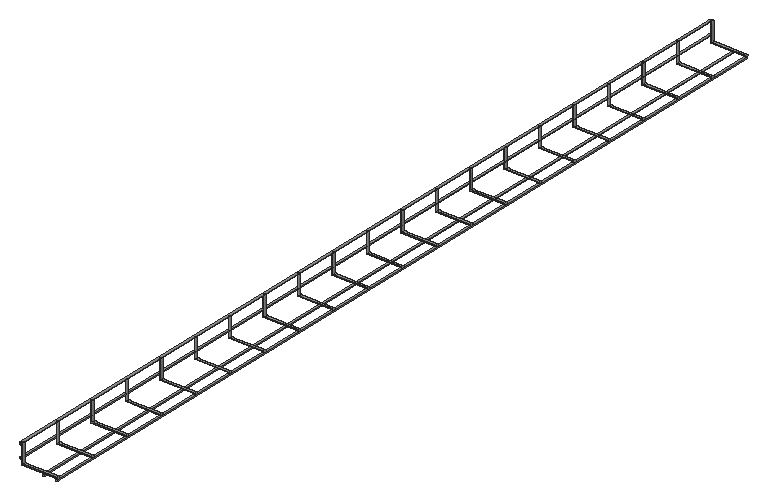
Revit family "Gitterwinkel GW-40 80Ft", category Generic Models, Revit 2017
Family settings
  Can host rebar = No
  Round Connector Dimension = Use Diameter
  Part Type = Normal
  Work Plane-Based = No
  Always vertical = Yes
  Cut with Voids When Loaded = No
  Shared = No
  Room Calculation Point = No
Parameters (values of type "GW 40 80 FT")
  URL = "http://www.obo-bettermann.com"
  Material = Hot-dip galvanised
  Manufacturer Art.No. = "6003818"
  Manufacturer = "OBO BETTERMANN"
  GTIN = "4012196002955"
  Cut's number = 20
  Article Type = "GW 40 80 FT"
Reference planes
  plane 1 "Center (Front/Back)": y = 0
  plane 2: z = 0
  plane 3 "Center (Left/Right)": x = 0
  plane 4: z = 46.4
  plane 5: x = 85.48
  plane 6: x = 2.2
  plane 7: z = 44.2
  plane 8: z = 16.693
  plane 9: z = 41.993
  plane 10: x = 2.2
  plane 11: z = 14.493
  plane 12: z = -2.2
  plane 13: x = 55.48
  plane 14: z = -2.2
  plane 15: y = 2000
  plane 16: x = 87.68
  plane 17: z = 4.35
  plane 18: x = 8.82
  plane 19: z = 46.4
  plane 20: x = 87.68
  plane 21: y = -2.187
  plane 22: x = 87.815
  plane 23: z = 46.4
  plane 24: x = 87.815
  plane 25: z = 46.4
  plane 26: x = 87.815
  plane 27: z = 46.4
  plane 28: x = 87.815
  plane 29: z = 46.4
  plane 30: x = 87.815
  plane 31: z = 46.4
  plane 32: x = 87.815
  plane 33: z = 46.4
  plane 34: x = 87.815
  plane 35: z = 46.4
  plane 36: x = 87.815
  plane 37: z = 46.4
  plane 38: x = 87.815
  plane 39: z = 46.4
  plane 40: x = 87.815
  plane 41: z = 46.4
  plane 42: x = 87.815
  plane 43: z = 46.4
  plane 44: x = 87.815
  plane 45: z = 46.4
  plane 46: x = 87.815
  plane 47: z = 46.4
  plane 48: x = 87.815
  plane 49: z = 46.4
  plane 50: x = 87.815
  plane 51: z = 46.4
  plane 52: x = 87.815
  plane 53: z = 46.4
  plane 54: x = 87.815
  plane 55: z = 46.4
  plane 56: x = 87.815
  plane 57: z = 46.4
  plane 58: x = 87.815
  plane 59: z = 46.4
  plane 60: x = 87.815
  plane 61: z = 46.4
Forms (mm)
  Extrusion 1, solid, material "Hot-dip galvanised" <- "Material"
    sketch origin (0, 0, 0) x (1, 0, 0) y (0, 0, 1)
      loop
        circle (2.2, 44.2) r 2.182
      loop
        circle (2.2, 14.493) r 2.178
      loop
        circle (85.626, -2.2) r 2.175
      loop
        circle (55.615, -2.2) r 2.2
    from 2.168 to -2000
  Sweep 2, solid, material "Hot-dip galvanised" <- "Material"
    path origin (6.48, -2000, 2.2) x (1, 0, 0) y (0, 0, 1)
      loop
        line (0, 44.2) -> (0, 0) -> (81.2, 0)
    profile origin (6.48, -2000, 24.3) x (0, -1, 0) y (1, 0, 0)
      loop
        circle (-2000, 0.018) r 2.187
  Sweep 3, solid, material "Hot-dip galvanised" <- "Material"
    path origin (6.615, -1900, 2.2) x (1, 0, 0) y (0, 0, 1)
      loop
        line (0, 44.2) -> (0, 0) -> (81.2, 0)
    profile origin (6.615, -1900, 24.3) x (0, -1, 0) y (1, 0, 0)
      loop
        circle (-2000, 0.018) r 2.187
  Sweep 4, solid, material "Hot-dip galvanised" <- "Material"
    path origin (6.615, -1800, 2.2) x (1, 0, 0) y (0, 0, 1)
      loop
        line (0, 44.2) -> (0, 0) -> (81.2, 0)
    profile origin (6.615, -1800, 24.3) x (0, -1, 0) y (1, 0, 0)
      loop
        circle (-2000, 0.018) r 2.187
  Sweep 5, solid, material "Hot-dip galvanised" <- "Material"
    path origin (6.615, -1700, 2.2) x (1, 0, 0) y (0, 0, 1)
      loop
        line (0, 44.2) -> (0, 0) -> (81.2, 0)
    profile origin (6.615, -1700, 24.3) x (0, -1, 0) y (1, 0, 0)
      loop
        circle (-2000, 0.018) r 2.187
  Sweep 6, solid, material "Hot-dip galvanised" <- "Material"
    path origin (6.615, -1600, 2.2) x (1, 0, 0) y (0, 0, 1)
      loop
        line (0, 44.2) -> (0, 0) -> (81.2, 0)
    profile origin (6.615, -1600, 24.3) x (0, -1, 0) y (1, 0, 0)
      loop
        circle (-2000, 0.018) r 2.187
  Sweep 7, solid, material "Hot-dip galvanised" <- "Material"
    path origin (6.615, -1500, 2.2) x (1, 0, 0) y (0, 0, 1)
      loop
        line (0, 44.2) -> (0, 0) -> (81.2, 0)
    profile origin (6.615, -1500, 24.3) x (0, -1, 0) y (1, 0, 0)
      loop
        circle (-2000, 0.018) r 2.187
  Sweep 8, solid, material "Hot-dip galvanised" <- "Material"
    path origin (6.615, -1400, 2.2) x (1, 0, 0) y (0, 0, 1)
      loop
        line (0, 44.2) -> (0, 0) -> (81.2, 0)
    profile origin (6.615, -1400, 24.3) x (0, -1, 0) y (1, 0, 0)
      loop
        circle (-2000, 0.018) r 2.187
  Sweep 9, solid, material "Hot-dip galvanised" <- "Material"
    path origin (6.615, -1300, 2.2) x (1, 0, 0) y (0, 0, 1)
      loop
        line (0, 44.2) -> (0, 0) -> (81.2, 0)
    profile origin (6.615, -1300, 24.3) x (0, -1, 0) y (1, 0, 0)
      loop
        circle (-2000, 0.018) r 2.187
  Sweep 10, solid, material "Hot-dip galvanised" <- "Material"
    path origin (6.615, -1200, 2.2) x (1, 0, 0) y (0, 0, 1)
      loop
        line (0, 44.2) -> (0, 0) -> (81.2, 0)
    profile origin (6.615, -1200, 24.3) x (0, -1, 0) y (1, 0, 0)
      loop
        circle (-2000, 0.018) r 2.187
  Sweep 11, solid, material "Hot-dip galvanised" <- "Material"
    path origin (6.615, -1100, 2.2) x (1, 0, 0) y (0, 0, 1)
      loop
        line (0, 44.2) -> (0, 0) -> (81.2, 0)
    profile origin (6.615, -1100, 24.3) x (0, -1, 0) y (1, 0, 0)
      loop
        circle (-2000, 0.018) r 2.187
  Sweep 12, solid, material "Hot-dip galvanised" <- "Material"
    path origin (6.615, -1000, 2.2) x (1, 0, 0) y (0, 0, 1)
      loop
        line (0, 44.2) -> (0, 0) -> (81.2, 0)
    profile origin (6.615, -1000, 24.3) x (0, -1, 0) y (1, 0, 0)
      loop
        circle (-2000, 0.018) r 2.187
  Sweep 13, solid, material "Hot-dip galvanised" <- "Material"
    path origin (6.615, -900, 2.2) x (1, 0, 0) y (0, 0, 1)
      loop
        line (0, 44.2) -> (0, 0) -> (81.2, 0)
    profile origin (6.615, -900, 24.3) x (0, -1, 0) y (1, 0, 0)
      loop
        circle (-2000, 0.018) r 2.187
  Sweep 14, solid, material "Hot-dip galvanised" <- "Material"
    path origin (6.615, -800, 2.2) x (1, 0, 0) y (0, 0, 1)
      loop
        line (0, 44.2) -> (0, 0) -> (81.2, 0)
    profile origin (6.615, -800, 24.3) x (0, -1, 0) y (1, 0, 0)
      loop
        circle (-2000, 0.018) r 2.187
  Sweep 15, solid, material "Hot-dip galvanised" <- "Material"
    path origin (6.615, -700, 2.2) x (1, 0, 0) y (0, 0, 1)
      loop
        line (0, 44.2) -> (0, 0) -> (81.2, 0)
    profile origin (6.615, -700, 24.3) x (0, -1, 0) y (1, 0, 0)
      loop
        circle (-2000, 0.018) r 2.187
  Sweep 16, solid, material "Hot-dip galvanised" <- "Material"
    path origin (6.615, -600, 2.2) x (1, 0, 0) y (0, 0, 1)
      loop
        line (0, 44.2) -> (0, 0) -> (81.2, 0)
    profile origin (6.615, -600, 24.3) x (0, -1, 0) y (1, 0, 0)
      loop
        circle (-2000, 0.018) r 2.187
  Sweep 17, solid, material "Hot-dip galvanised" <- "Material"
    path origin (6.615, -500, 2.2) x (1, 0, 0) y (0, 0, 1)
      loop
        line (0, 44.2) -> (0, 0) -> (81.2, 0)
    profile origin (6.615, -500, 24.3) x (0, -1, 0) y (1, 0, 0)
      loop
        circle (-2000, 0.018) r 2.187
  Sweep 18, solid, material "Hot-dip galvanised" <- "Material"
    path origin (6.615, -400, 2.2) x (1, 0, 0) y (0, 0, 1)
      loop
        line (0, 44.2) -> (0, 0) -> (81.2, 0)
    profile origin (6.615, -400, 24.3) x (0, -1, 0) y (1, 0, 0)
      loop
        circle (-2000, 0.018) r 2.187
  Sweep 19, solid, material "Hot-dip galvanised" <- "Material"
    path origin (6.615, -300, 2.2) x (1, 0, 0) y (0, 0, 1)
      loop
        line (0, 44.2) -> (0, 0) -> (81.2, 0)
    profile origin (6.615, -300, 24.3) x (0, -1, 0) y (1, 0, 0)
      loop
        circle (-2000, 0.018) r 2.187
  Sweep 20, solid, material "Hot-dip galvanised" <- "Material"
    path origin (6.615, -200, 2.2) x (1, 0, 0) y (0, 0, 1)
      loop
        line (0, 44.2) -> (0, 0) -> (81.2, 0)
    profile origin (6.615, -200, 24.3) x (0, -1, 0) y (1, 0, 0)
      loop
        circle (-2000, 0.018) r 2.187
  Sweep 21, solid, material "Hot-dip galvanised" <- "Material"
    path origin (6.615, -100, 2.2) x (1, 0, 0) y (0, 0, 1)
      loop
        line (0, 44.2) -> (0, 0) -> (81.2, 0)
    profile origin (6.615, -100, 24.3) x (0, -1, 0) y (1, 0, 0)
      loop
        circle (-2000, 0.018) r 2.187
  Sweep 22, solid, material "Hot-dip galvanised" <- "Material"
    path origin (6.615, 0, 2.2) x (1, 0, 0) y (0, 0, 1)
      loop
        line (0, 44.2) -> (0, 0) -> (81.2, 0)
    profile origin (6.615, 0, 24.3) x (0, -1, 0) y (1, 0, 0)
      loop
        circle (-2000, 0.018) r 2.187
Dimensions and locks
  plane 5 to plane 3 "Center (Left/Right)" = 85.48 mm
  locked: plane 4 to level at 46.4
  locked: plane 10 to plane 3 "Center (Left/Right)" at 2.2
  locked: plane 6 to plane 3 "Center (Left/Right)" at 2.2
  locked: plane 4 to plane 7 at 2.2
  locked: plane 8 to plane 11 at 2.2
  locked: plane 4 to plane 8 at 29.707
  locked: plane 6 to Extrusion 1 sketch curve at 0
  locked: plane 10 to Extrusion 1 sketch curve at 0
  locked: Extrusion 1 sketch curve to plane 7 at 2.182
  Extrusion 1 sketch curve to plane 11 = 2.178 mm
  locked: level to plane 14 at 2.2
  locked: Extrusion 1 sketch curve to plane 13 at 2.2
  locked: Extrusion 1 sketch curve to plane 14 at 2.2
  locked: plane 1 "Center (Front/Back)" to plane 15 at 2000
  locked: Sweep 2 sketch curve to plane 16 at 81.2
  Sweep 2 to plane 18 = 78.86 mm
  locked: Sweep 2 to plane 3 "Center (Left/Right)" at 87.68
  locked: plane 19 to Sweep 2 sketch curve at 44.2
  Sweep 2 to plane 17 = 42.05 mm
  locked: Sweep 2 to level at 46.4
  locked: Sweep 2 to Extrusion 1 at 50.775
  locked: Sweep 2 to Extrusion 1 at 50.8
  locked: Sweep 2 to plane 5 at 2.2
  locked: plane 5 to plane 13 at 30
  locked: plane 9 to Extrusion 1 sketch curve at 25.322
  locked: Extrusion 1 to plane 1 "Center (Front/Back)" at 2.168
  locked: Sweep 3 sketch curve to plane 22 at 81.2
  locked: plane 23 to Sweep 3 sketch curve at 44.2
  locked: Sweep 4 sketch curve to plane 24 at 81.2
  locked: plane 25 to Sweep 4 sketch curve at 44.2
  locked: Sweep 5 sketch curve to plane 26 at 81.2
  locked: plane 27 to Sweep 5 sketch curve at 44.2
  locked: Sweep 6 sketch curve to plane 28 at 81.2
  locked: plane 29 to Sweep 6 sketch curve at 44.2
  locked: Sweep 7 sketch curve to plane 30 at 81.2
  locked: plane 31 to Sweep 7 sketch curve at 44.2
  locked: Sweep 8 sketch curve to plane 32 at 81.2
  locked: plane 33 to Sweep 8 sketch curve at 44.2
  locked: Sweep 9 sketch curve to plane 34 at 81.2
  locked: plane 35 to Sweep 9 sketch curve at 44.2
  locked: Sweep 10 sketch curve to plane 36 at 81.2
  locked: plane 37 to Sweep 10 sketch curve at 44.2
  locked: Sweep 11 sketch curve to plane 38 at 81.2
  locked: plane 39 to Sweep 11 sketch curve at 44.2
  locked: Sweep 12 sketch curve to plane 40 at 81.2
  locked: plane 41 to Sweep 12 sketch curve at 44.2
  locked: Sweep 13 sketch curve to plane 42 at 81.2
  locked: plane 43 to Sweep 13 sketch curve at 44.2
  locked: Sweep 14 sketch curve to plane 44 at 81.2
  locked: plane 45 to Sweep 14 sketch curve at 44.2
  locked: Sweep 15 sketch curve to plane 46 at 81.2
  locked: plane 47 to Sweep 15 sketch curve at 44.2
  locked: Sweep 16 sketch curve to plane 48 at 81.2
  locked: plane 49 to Sweep 16 sketch curve at 44.2
  locked: Sweep 17 sketch curve to plane 50 at 81.2
  locked: plane 51 to Sweep 17 sketch curve at 44.2
  locked: Sweep 18 sketch curve to plane 52 at 81.2
  locked: plane 53 to Sweep 18 sketch curve at 44.2
  locked: Sweep 19 sketch curve to plane 54 at 81.2
  locked: plane 55 to Sweep 19 sketch curve at 44.2
  locked: Sweep 20 sketch curve to plane 56 at 81.2
  locked: plane 57 to Sweep 20 sketch curve at 44.2
  locked: Sweep 21 sketch curve to plane 58 at 81.2
  locked: plane 59 to Sweep 21 sketch curve at 44.2
  locked: Sweep 22 sketch curve to plane 60 at 81.2
  locked: plane 61 to Sweep 22 sketch curve at 44.2
  aligned and locked: level to plane 2
  aligned and locked: plane 20 to Sweep 2
  aligned and locked: Extrusion 1 to plane 21
